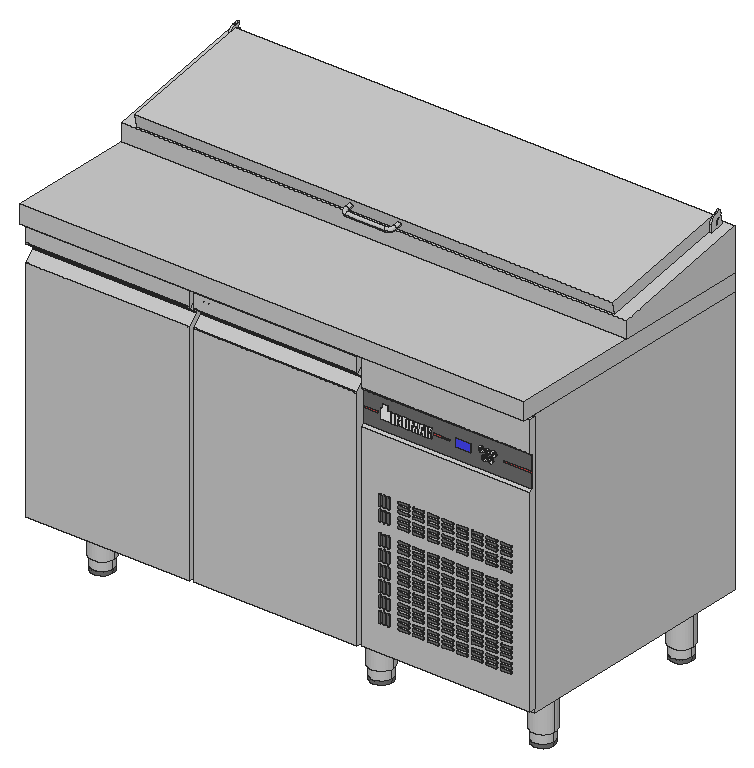
Revit family "QF_INOMAK_ZPZP99_250612084149", category Specialty Equipment, Revit 2021 (continued)
Definition of nested family "QF_INOMAK_REF_COUNTERS_LEGS_9047"
  Definition of nested family "QF_INOMAK_LEG"
    Automatic sketch dimensions
      Extrusion 3 sketch curve to plane 3 "Center (Left/Right)" = 0 mm
      Sweep 4 sketch curve to plane 1 "Center (Front/Back)" = 0 mm
      level to Sweep 4 sketch curve = 35 mm
      Sweep 4 sketch curve to plane 4 "Top" = 3 mm
      Sweep 4 sketch curve to plane 3 "Center (Left/Right)" = 0 mm
      profile plane to Sweep 4 sketch curve = 0 mm
      radius of Extrusion 2 sketch curve = 28 mm
      radius of Extrusion 3 sketch curve = 28.5 mm
      radius of Sweep 4 sketch curve = 32 mm
Definition of nested family "CONN_POINT_ELE_2D___Generic_Annotation"
  Parameters (values of type "CONN_POINT_ELE_2D___Generic_Annotation")
    Onboard connection annotation symbol visibility [instance] = yes
  Reference planes
    plane 1: y = 0
    plane 2: x = 0
  Lines and regions (mm)
    detail lines, visible <- "Onboard connection annotation symbol visibility"
      curve 1: circle (0, 0, 0) r 0.5 normal (0, 0, 1)
      curve 2: line (-1, 0, 0) -> (1, 0, 0)
      curve 3: line (0, 1, 0) -> (0, -1, 0)
      curve 4: line (2.5, 1, 0) -> (1.25, 1, 0)
      curve 5: line (1.25, 1, 0) -> (1.25, -1, 0)
      curve 6: line (1.25, -1, 0) -> (2.5, -1, 0)
      curve 7: line (1.25, 0, 0) -> (2, 0, 0)
